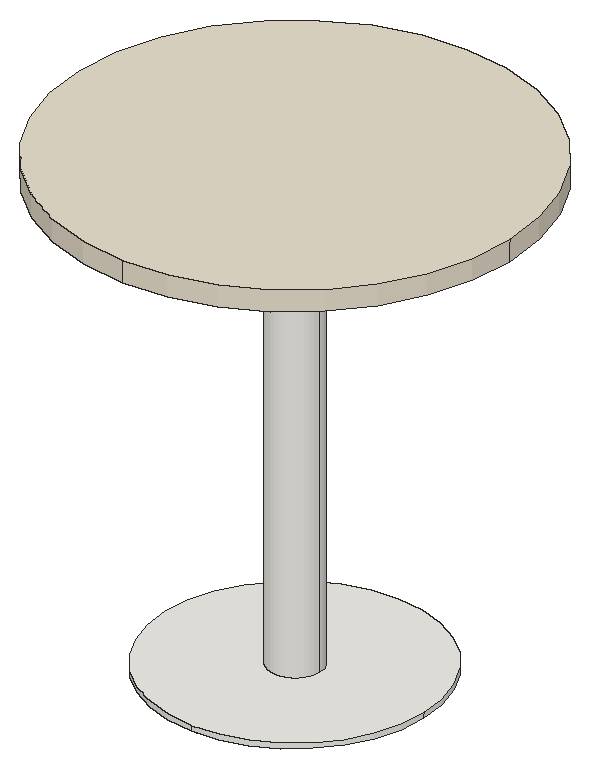
Revit family "FU_Table_Sandler_581-MT", category Furniture, Revit 2020
Family settings
  OmniClass Number = 23.40.20.00
  OmniClass Title = General Furniture and Specialties
  Work Plane-Based = No
  Always vertical = Yes
  Cut with Voids When Loaded = No
  Shared = No
  Room Calculation Point = No
Parameters (values of type "581 MT - 28" Round Top (70cm)")
  Width = 420 mm
  URL = "https://www.sandlerseating.com/product/581-mt/"
  Top Type = FU_TableTops_MT Rnd : 28" Round (70cm)
  Top Elevation = Height  # 720 mm
  Top Finish [instance] = Wood - Beech - Grey Stained
  Model = "581 MT"
  Manufacturer = "Sandler"
  Height = 720 mm
  Frame Finish [instance] = Metal - Paint -AL VR - Pure White
  Description = "Table base. Available in powdercoat painted finishes.\r\nOptional upcharge for outdoor version with galvanized-treated frame and adjustable feet."
  Depth = Width  # 420 mm
  Default Elevation = 0 mm
Types (4, lengths in mm): name | Top Type
  (no name) | FU_TableTops_MT Rnd : 28" Round (70cm)
  581 MT - 24" Round Top (60cm) | FU_TableTops_MT Rnd : 24" Round (60cm)
  581 MT - 28" Round Top (70cm) | FU_TableTops_MT Rnd : 28" Round (70cm)
  581 MT - 24" Square Top (60cm) | FU_TableTops_MT Sqr : 24" Square (60cm)
Reference planes
  plane 1 "Center (Front/Back)": y = 0
  plane 2: z = 0
  plane 3 "Center (Left/Right)": x = 0
  plane 4 "Right": x = -210
  plane 5 "Left": x = 210
  plane 6 "Back": y = 210
  plane 7 "Front": y = -210
  plane 8 "Height": z = 720
  plane 9 "Top Support": z = 700
  plane 10 "Glide Height": z = 6
  plane 11 "Base height": z = 14
  plane 12 "R Pad C": x = -194
  plane 13 "B Pad C": y = 194
  plane 14 "L Pad C": x = 194
  plane 15 "F Pad C": y = -194
Forms (mm)
  Extrusion 1, solid, material "Metal - Paint -AL VR - Pure White" <- "Frame Finish"
    sketch origin (0, 0, 6) x (-1, 0, 0) y (0, -1, 0)
      loop
        arc (210, 0) -> (148.492, 148.492) -> (0, 210) r 210
        arc (0, 210) -> (-148.492, 148.492) -> (-210, 0) r 210
        arc (-210, 0) -> (-148.492, -148.492) -> (0, -210) r 210
        arc (0, -210) -> (148.492, -148.492) -> (210, 0) r 210
    from 0 to 8
  Revolve 2, solid, material "Rubber, Black"
    sketch origin (0, 0, 0) x (1, 0, 0) y (0, 0, 1)
      loop
        line (-194, 0) -> (-194, 6) -> (-202, 6) -> (-202, 2)
        arc (-202, 2) -> (-201.414, 0.586) -> (-200, 0) r 2
        line (-200, 0) -> (-194, 0)
      axis (-194, 6) -> (-194, 0)
    angle from 0 to 360
  Revolve 3, solid, material "Rubber, Black"
    sketch origin (0, 0, 0) x (-1, 0, 0) y (0, 0, 1)
      loop
        line (-194, 0) -> (-194, 6) -> (-202, 6) -> (-202, 2)
        arc (-202, 2) -> (-201.414, 0.586) -> (-200, 0) r 2
        line (-200, 0) -> (-194, 0)
      axis (-194, 6) -> (-194, 0)
    angle from 0 to 360
  Revolve 4, solid, material "Rubber, Black"
    sketch origin (0, 0, 0) x (0, 1, 0) y (0, 0, 1)
      loop
        line (-194, 6) -> (-202, 6) -> (-202, 2)
        arc (-202, 2) -> (-201.414, 0.586) -> (-200, 0) r 2
        line (-200, 0) -> (-194, 0) -> (-194, 6)
      axis (-194, 6) -> (-194, 0)
    angle from 0 to 360
  Revolve 5, solid, material "Rubber, Black"
    sketch origin (0, 0, 0) x (0, -1, 0) y (0, 0, 1)
      loop
        line (-194, 6) -> (-202, 6) -> (-202, 2)
        arc (-202, 2) -> (-201.414, 0.586) -> (-200, 0) r 2
        line (-200, 0) -> (-194, 0) -> (-194, 6)
      axis (-194, 6) -> (-194, 0)
    angle from 0 to 360
  Extrusion 6, solid, material "Metal - Paint -AL VR - Pure White" <- "Frame Finish"
    sketch origin (0, 0, 6) x (-1, 0, 0) y (0, -1, 0)
      loop
        circle (0, 0) r 40
    from 0 to 694
Dimensions and locks
  equal spacing: plane 4 "Right", plane 3 "Center (Left/Right)", plane 5 "Left"
  "Width": plane 4 "Right" to plane 5 "Left"
  equal spacing: plane 6 "Back", plane 1 "Center (Front/Back)", plane 7 "Front"
  "Depth": plane 6 "Back" to plane 7 "Front"
  "Height": plane 8 "Height" to level
  locked: plane 8 "Height" to plane 9 "Top Support" at 20
  locked: plane 4 "Right" to plane 12 "R Pad C" at 16
  plane 14 "L Pad C" to plane 5 "Left" = 16 mm
  locked: plane 6 "Back" to plane 13 "B Pad C" at 16
  locked: plane 15 "F Pad C" to plane 7 "Front" at 16
  aligned and locked: level to plane 2
  aligned and locked: plane 11 "Base height" to Extrusion 1
  aligned and locked: Extrusion 1 to plane 11 "Base height"  (x3)
  aligned and locked: plane 8 "Height" to nested 1
  aligned and locked: Extrusion 6 to plane 10 "Glide Height"
  aligned and locked: plane 9 "Top Support" to Extrusion 6
Automatic sketch dimensions
  Extrusion 1 sketch curve to Extrusion 1 sketch curve = 0 mm  (x12)
  plane 1 "Center (Front/Back)" to Extrusion 1 sketch curve = 0 mm
  Extrusion 1 sketch curve to plane 5 "Left" = 0 mm
  Extrusion 1 sketch curve to plane 3 "Center (Left/Right)" = 0 mm  (x3)
  Revolve 2 sketch curve to plane 10 "Glide Height" = 0 mm
  Revolve 2 sketch curve to level = 0 mm
  plane 12 "R Pad C" to Revolve 2 sketch curve = 0 mm  (x2)
  Revolve 2 sketch curve to Revolve 2 sketch curve = 6 mm
  Revolve 2 sketch curve to Revolve 2 sketch curve = 2 mm
  Revolve 2 sketch curve to level = 10.049 mm
  Revolve 2 sketch curve to plane 11 "Base height" = 2.095 mm
  Revolve 3 sketch curve to plane 10 "Glide Height" = 0 mm
  Revolve 3 sketch curve to level = 0 mm
  Revolve 3 sketch curve to plane 14 "L Pad C" = 0 mm  (x2)
  Revolve 3 sketch curve to Revolve 3 sketch curve = 6 mm
  Revolve 3 sketch curve to Revolve 3 sketch curve = 2 mm
  level to Revolve 3 sketch curve = 10.049 mm
  plane 11 "Base height" to Revolve 3 sketch curve = 2.095 mm
  Revolve 4 sketch curve to plane 10 "Glide Height" = 0 mm
  Revolve 4 sketch curve to level = 0 mm
  Revolve 4 sketch curve to plane 15 "F Pad C" = 0 mm  (x2)
  level to Revolve 4 sketch curve = 2 mm
  plane 15 "F Pad C" to Revolve 4 sketch curve = 6 mm
  Revolve 4 sketch curve to level = 5.787 mm
  Revolve 4 sketch curve to plane 11 "Base height" = 1.201 mm
  Revolve 5 sketch curve to plane 10 "Glide Height" = 0 mm
  Revolve 5 sketch curve to level = 0 mm
  Revolve 5 sketch curve to plane 13 "B Pad C" = 0 mm  (x2)
  Revolve 5 sketch curve to level = 2 mm
  Revolve 5 sketch curve to plane 13 "B Pad C" = 6 mm
  Revolve 5 sketch curve to Revolve 5 sketch curve = 5.787 mm
  plane 11 "Base height" to Revolve 5 sketch curve = 1.201 mm
  plane 1 "Center (Front/Back)" to Extrusion 6 sketch curve = 0 mm
  Extrusion 6 sketch curve to plane 3 "Center (Left/Right)" = 0 mm
  radius of Extrusion 6 sketch curve = 40 mm
Nested families
  nested 1: "MT Top Support" at (0, 0, 0), Frame Finish <- "Frame Finish", type "MT Top Support"
    with Frame Finish Metal - Paint -AL VR - Pure White
  nested 2: "FU_TableTops_MT Rnd" at (0, 0, 0), Top Elevation <- "Top Elevation", Top Finish <- "Top Finish", type <- "Top Type", type "28" Round (70cm)"
    with Top Finish Wood - Beech - Grey Stained, Top Elevation 720 mm
Definition of nested family "MT Top Support"
  Parameters (values of type "MT Top Support")
    Frame Finish [instance] = none
    Default Elevation = 0 mm
  Reference planes
    plane 1 "Center (Front/Back)": y = 0
    plane 2: z = 0
    plane 3 "Center (Left/Right)": x = 0
    plane 4 "Right": x = -210
    plane 5 "Left": x = 210
    plane 6 "Back": y = 210
    plane 7 "Front": y = -210
    plane 8 "Height": z = 720
    plane 9: z = 700
  Forms (mm)
    Extrusion 1, solid, material <- "Frame Finish"
      sketch origin (0, 0, 700) x (-1, 0, 0) y (0, -1, 0)
        loop
          line (48, 44.024) -> (119.736, 115.76)
          arc (119.736, 115.76) -> (116.918, 118.6) -> (114.032, 121.37) r 166.741
          line (114.032, 121.37) -> (40.38, 47.718) -> (-40.38, 47.718) -> (-114.032, 121.37)
          arc (-114.032, 121.37) -> (-116.918, 118.6) -> (-119.736, 115.76) r 166.741
          line (-119.736, 115.76) -> (-48, 44.024) -> (-48, -44.024) -> (-120.014, -116.038)
          arc (-120.014, -116.038) -> (-117.202, -118.884) -> (-114.323, -121.661) r 166.741
          line (-114.323, -121.661) -> (-40.944, -48.282) -> (40.944, -48.282) -> (114.323, -121.661)
          arc (114.323, -121.661) -> (117.202, -118.884) -> (120.014, -116.038) r 166.741
          line (120.014, -116.038) -> (48, -44.024) -> (48, 44.024)
      from 0 to 15
    Extrusion 2, solid, material <- "Frame Finish"
      sketch origin (0, 0, 720) x (-1, 0, 0) y (0, -1, 0)
        loop
          arc (48, 9.198) -> (50.194, 20.46) -> (56.455, 30.074) r 30
          line (56.455, 30.074) -> (155.027, 131.809)
          arc (155.027, 131.809) -> (157.282, 137.439) -> (154.939, 143.033) r 8
          line (154.939, 143.033) -> (142.122, 155.85)
          arc (142.122, 155.85) -> (136.465, 158.193) -> (130.808, 155.85) r 8
          line (130.808, 155.85) -> (32.027, 57.069)
          arc (32.027, 57.069) -> (22.294, 50.566) -> (10.814, 48.282) r 30
          line (10.814, 48.282) -> (-10.814, 48.282)
          arc (-10.814, 48.282) -> (-22.294, 50.566) -> (-32.027, 57.069) r 30
          line (-32.027, 57.069) -> (-130.808, 155.85)
          arc (-130.808, 155.85) -> (-136.465, 158.193) -> (-142.122, 155.85) r 8
          line (-142.122, 155.85) -> (-154.939, 143.033)
          arc (-154.939, 143.033) -> (-157.282, 137.439) -> (-155.027, 131.809) r 8
          line (-155.027, 131.809) -> (-56.455, 30.074)
          arc (-56.455, 30.074) -> (-50.194, 20.46) -> (-48, 9.198) r 30
          line (-48, 9.198) -> (-48, -9.198)
          arc (-48, -9.198) -> (-50.194, -20.46) -> (-56.455, -30.074) r 30
          line (-56.455, -30.074) -> (-155.027, -131.809)
          arc (-155.027, -131.809) -> (-157.282, -137.439) -> (-154.939, -143.033) r 8
          line (-154.939, -143.033) -> (-142.122, -155.85)
          arc (-142.122, -155.85) -> (-136.465, -158.193) -> (-130.808, -155.85) r 8
          line (-130.808, -155.85) -> (-32.027, -57.069)
          arc (-32.027, -57.069) -> (-22.294, -50.566) -> (-10.814, -48.282) r 30
          line (-10.814, -48.282) -> (10.814, -48.282)
          arc (10.814, -48.282) -> (22.294, -50.566) -> (32.027, -57.069) r 30
          line (32.027, -57.069) -> (130.808, -155.85)
          arc (130.808, -155.85) -> (136.465, -158.193) -> (142.122, -155.85) r 8
          line (142.122, -155.85) -> (154.939, -143.033)
          arc (154.939, -143.033) -> (157.282, -137.439) -> (155.027, -131.809) r 8
          line (155.027, -131.809) -> (56.455, -30.074)
          arc (56.455, -30.074) -> (50.194, -20.46) -> (48, -9.198) r 30
          line (48, -9.198) -> (48, 9.198)
        loop
          line (-134.399, -141.055) -> (-124.502, -131.158)
          arc (-124.502, -131.158) -> (-124.502, -125.502) -> (-130.158, -125.502) r 3.999
          line (-130.158, -125.502) -> (-140.055, -135.399)
          arc (-140.055, -135.399) -> (-140, -141.001) -> (-134.399, -141.055) r 4
        loop
          arc (134.399, -141.055) -> (140, -141.001) -> (140.055, -135.399) r 4
          line (140.055, -135.399) -> (130.158, -125.502)
          arc (130.158, -125.502) -> (124.502, -125.502) -> (124.502, -131.158) r 3.999
          line (124.502, -131.158) -> (134.399, -141.055)
        loop
          arc (-134.399, 141.055) -> (-140, 141.001) -> (-140.055, 135.399) r 4
          line (-140.055, 135.399) -> (-130.158, 125.502)
          arc (-130.158, 125.502) -> (-124.502, 125.502) -> (-124.502, 131.158) r 3.999
          line (-124.502, 131.158) -> (-134.399, 141.055)
        loop
          line (134.399, 141.055) -> (124.502, 131.158)
          arc (124.502, 131.158) -> (124.502, 125.502) -> (130.158, 125.502) r 3.999
          line (130.158, 125.502) -> (140.055, 135.399)
          arc (140.055, 135.399) -> (140, 141.001) -> (134.399, 141.055) r 4
        loop
          circle (0, 0) r 7.5
      from -10 to 0
  Dimensions and locks
    equal spacing: plane 4 "Right", plane 3 "Center (Left/Right)", plane 5 "Left"
    plane 4 "Right" to plane 5 "Left" = 420 mm
    equal spacing: plane 6 "Back", plane 1 "Center (Front/Back)", plane 7 "Front"
    plane 6 "Back" to plane 7 "Front" = 420 mm
    plane 8 "Height" to level = 720 mm
    locked: plane 8 "Height" to plane 9 at 20
    aligned and locked: level to plane 2
  Automatic sketch dimensions
    plane 1 "Center (Front/Back)" to Extrusion 2 sketch curve = 0 mm
    Extrusion 2 sketch curve to plane 3 "Center (Left/Right)" = 0 mm
    plane 3 "Center (Left/Right)" to Extrusion 2 sketch curve = 10.814 mm  (x2)
    Extrusion 2 sketch curve to Extrusion 2 sketch curve = 21.213 mm  (x4)
    plane 1 "Center (Front/Back)" to Extrusion 2 sketch curve = 9.198 mm  (x2)
    plane 3 "Center (Left/Right)" to Extrusion 2 sketch curve = 48 mm
    Extrusion 2 sketch curve to plane 1 "Center (Front/Back)" = 30.074 mm  (x2)
    Extrusion 2 sketch curve to Extrusion 2 sketch curve = 8.455 mm  (x4)
    plane 1 "Center (Front/Back)" to Extrusion 2 sketch curve = 30.074 mm  (x2)
    Extrusion 2 sketch curve to plane 1 "Center (Front/Back)" = 9.198 mm  (x2)
    plane 5 "Left" to Extrusion 2 sketch curve = 85.498 mm  (x2)
    Extrusion 2 sketch curve to Extrusion 2 sketch curve = 2.828 mm  (x12)
    Extrusion 2 sketch curve to Extrusion 2 sketch curve = 6.306 mm  (x4)
    Extrusion 2 sketch curve to Extrusion 2 sketch curve = 9.897 mm  (x8)
    Extrusion 2 sketch curve to Extrusion 2 sketch curve = 5.657 mm  (x16)
    Extrusion 2 sketch curve to Extrusion 2 sketch curve = 2.773 mm  (x8)
    Extrusion 2 sketch curve to Extrusion 2 sketch curve = 2.883 mm  (x4)
    Extrusion 2 sketch curve to Extrusion 2 sketch curve = 9.227 mm  (x4)
    Extrusion 2 sketch curve to Extrusion 2 sketch curve = 5.745 mm  (x4)
    Extrusion 2 sketch curve to plane 3 "Center (Left/Right)" = 10.814 mm  (x2)
    Extrusion 2 sketch curve to plane 3 "Center (Left/Right)" = 48 mm
    Extrusion 2 sketch curve to plane 1 "Center (Front/Back)" = 48.282 mm
    Extrusion 2 sketch curve to Extrusion 2 sketch curve = 8.787 mm  (x4)
    Extrusion 2 sketch curve to plane 6 "Back" = 84.498 mm  (x2)
    Extrusion 2 sketch curve to Extrusion 2 sketch curve = 6.307 mm  (x4)
    Extrusion 2 sketch curve to Extrusion 2 sketch curve = 5.567 mm  (x4)
    Extrusion 2 sketch curve to Extrusion 2 sketch curve = 9.138 mm  (x4)
    plane 1 "Center (Front/Back)" to Extrusion 2 sketch curve = 48.282 mm
    plane 7 "Front" to Extrusion 2 sketch curve = 84.498 mm  (x2)
    Extrusion 1 sketch curve to Extrusion 1 sketch curve = 0 mm  (x12)
    Extrusion 1 sketch curve to plane 3 "Center (Left/Right)" = 0 mm
    plane 3 "Center (Left/Right)" to Extrusion 1 sketch curve = 40.38 mm
    plane 3 "Center (Left/Right)" to Extrusion 1 sketch curve = 40.944 mm
    Extrusion 1 sketch curve to Extrusion 1 sketch curve = 7.056 mm  (x2)
    plane 5 "Left" to Extrusion 1 sketch curve = 95.968 mm
    plane 5 "Left" to Extrusion 1 sketch curve = 95.677 mm
    Extrusion 1 sketch curve to Extrusion 1 sketch curve = 5.704 mm  (x2)
    Extrusion 1 sketch curve to Extrusion 1 sketch curve = 5.691 mm  (x2)
    Extrusion 1 sketch curve to plane 3 "Center (Left/Right)" = 40.38 mm
    Extrusion 1 sketch curve to plane 3 "Center (Left/Right)" = 40.944 mm
    Extrusion 1 sketch curve to plane 6 "Back" = 88.339 mm  (x2)
    Extrusion 1 sketch curve to Extrusion 1 sketch curve = 5.623 mm
    Extrusion 1 sketch curve to plane 1 "Center (Front/Back)" = 48.282 mm
    Extrusion 1 sketch curve to Extrusion 1 sketch curve = 4.258 mm  (x2)
    plane 1 "Center (Front/Back)" to Extrusion 1 sketch curve = 44.024 mm  (x2)
    Extrusion 1 sketch curve to Extrusion 1 sketch curve = 3.693 mm
    plane 7 "Front" to Extrusion 1 sketch curve = 94.24 mm  (x2)
    Extrusion 1 sketch curve to plane 4 "Right" = 95.968 mm
    Extrusion 1 sketch curve to plane 4 "Right" = 95.677 mm
    Extrusion 2 sketch curve to plane 4 "Right" = 85.498 mm  (x2)
    radius of Extrusion 2 sketch curve = 7.5 mm
Definition of nested family "FU_TableTops_MT Rnd"
  Parameters (values of type "36" Round (90cm)")
    Width = 900 mm
    Top Finish [instance] = none
    Top Elevation [instance] = 1100 mm
    Depth = Width  # 900 mm
    Default Elevation = 0 mm
  Types (4, lengths in mm): name | Width | Depth
    24" Round (60cm) | 600 | 600
    28" Round (70cm) | 700 | 700
    32" Round (80cm) | 800 | 800
    36" Round (90cm) | 900 | 900
  Reference planes
    plane 1 "Center (Front/Back)": y = 0
    plane 2: z = 0
    plane 3 "Center (Left/Right)": x = 0
    plane 4 "Right": x = -450
    plane 5 "Left": x = 450
    plane 6 "Back": y = 450
    plane 7 "Front": y = -450
    plane 8 "Elevation": z = 1100
    plane 9 "Top Height": z = 1131.75
  Forms (mm)
    Extrusion 1, solid, material <- "Top Finish"
      sketch origin (0, 0, 1100) x (-1, 0, 0) y (0, -1, 0)
        loop
          arc (0, -450) -> (318.198, -318.198) -> (450, 0) r 450
          arc (450, 0) -> (318.198, 318.198) -> (0, 450) r 450
          arc (0, 450) -> (-318.198, 318.198) -> (-450, 0) r 450
          arc (-450, 0) -> (-318.198, -318.198) -> (0, -450) r 450
      from 0 to 31.75
  Dimensions and locks
    equal spacing: plane 4 "Right", plane 3 "Center (Left/Right)", plane 5 "Left"
    "Width": plane 4 "Right" to plane 5 "Left"
    equal spacing: plane 6 "Back", plane 1 "Center (Front/Back)", plane 7 "Front"
    "Depth": plane 6 "Back" to plane 7 "Front"
    "Top Elevation": plane 8 "Elevation" to level
    locked: plane 9 "Top Height" to plane 8 "Elevation" at 31.75
    aligned and locked: level to plane 2
    aligned and locked: plane 9 "Top Height" to Extrusion 1
  Automatic sketch dimensions
    Extrusion 1 sketch curve to Extrusion 1 sketch curve = 0 mm  (x7)
    plane 1 "Center (Front/Back)" to Extrusion 1 sketch curve = 0 mm  (x2)
    Extrusion 1 sketch curve to plane 5 "Left" = 0 mm
    Extrusion 1 sketch curve to plane 3 "Center (Left/Right)" = 0 mm  (x3)
    Extrusion 1 sketch curve to plane 6 "Back" = 0 mm
